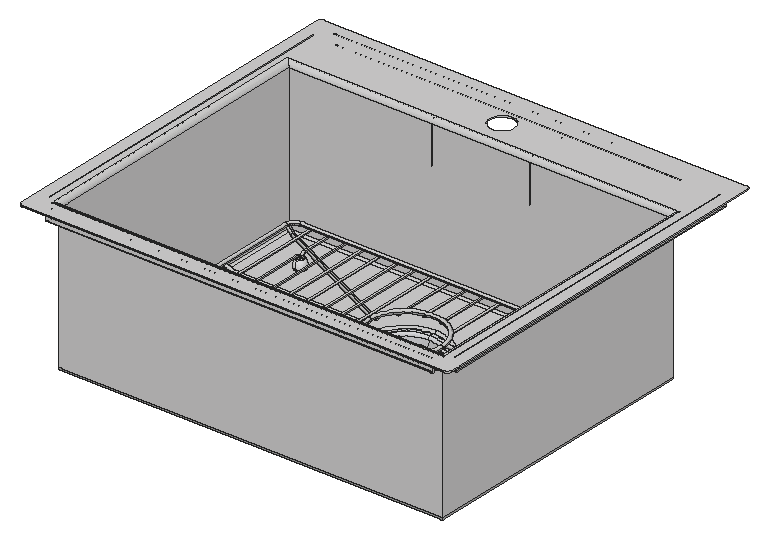
Revit family "Sink-Top_Under_Mount-Kitchen-KOHLER-Vault-K-3822", category Plumbing Fixtures, host Face, Revit 2015 (continued)
Definition of nested family "K-3822"
  Automatic sketch dimensions
    Masking region 1 sketch curve to plane 14 = 0.20175"
    Masking region 1 sketch curve to plane 1 "Center (Front/Back)" = 1.1746"
    Masking region 1 sketch curve to Masking region 1 sketch curve = 0.85327"
    Masking region 1 sketch curve to Masking region 1 sketch curve = 0.27784"
    Masking region 1 sketch curve to plane 8 = 0.12233"
    Masking region 1 sketch curve to plane 8 = 0.10686"
    plane 8 to Masking region 1 sketch curve = 0.048"
    plane 9 to Masking region 1 sketch curve = 0.27358"
    Masking region 1 sketch curve to Masking region 1 sketch curve = 0.89392"
    plane 15 to Masking region 1 sketch curve = 0.21427"
    Masking region 1 sketch curve to Masking region 1 sketch curve = 3/8"
    Masking region 1 sketch curve to Masking region 1 sketch curve = 0.00834"
    Masking region 1 sketch curve to Masking region 1 sketch curve = 0.06139"
    Masking region 1 sketch curve to Masking region 1 sketch curve = 0.04331"
    plane 15 to Masking region 1 sketch curve = 0.06531"
    Masking region 1 sketch curve to Masking region 1 sketch curve = 0.02223"
    Masking region 1 sketch curve to Masking region 1 sketch curve = 0.03082"
    Masking region 1 sketch curve to Masking region 1 sketch curve = 0.02584"
    Masking region 1 sketch curve to Masking region 1 sketch curve = 0.00815"
    Masking region 1 sketch curve to Masking region 1 sketch curve = 0.93489"  (x2)
    level to Masking region 1 sketch curve = 0.52119"
    plane 15 to Masking region 1 sketch curve = 2.453"
    Masking region 1 sketch curve to Masking region 1 sketch curve = 0.38815"  (x2)
    Masking region 1 sketch curve to Masking region 1 sketch curve = 0.32224"  (x2)
    Masking region 1 sketch curve to Masking region 1 sketch curve = 0.00009"  (x2)
    Masking region 1 sketch curve to Masking region 1 sketch curve = 0.00095"  (x2)
    Masking region 1 sketch curve to Masking region 1 sketch curve = 0.00007"  (x2)
    Masking region 1 sketch curve to Masking region 1 sketch curve = 0.15916"
    Masking region 1 sketch curve to Masking region 1 sketch curve = 0.15815"
    Masking region 1 sketch curve to Masking region 1 sketch curve = 0.15821"
    Masking region 1 sketch curve to Masking region 1 sketch curve = 0.15907"
    Masking region 1 sketch curve to Masking region 1 sketch curve = 0.01358"
    Masking region 1 sketch curve to Masking region 1 sketch curve = 0.01518"
    Masking region 1 sketch curve to plane 15 = 0"
    Masking region 1 sketch curve to Masking region 1 sketch curve = 0"  (x2)
    plane 15 to curve 3 = 0"
    plane 15 to curve 2 = 0"
    curve 10 to level = 0"
    plane 15 to curve 1 = 0"
    plane 6 to curve 3 = 0.57369"
    curve 3 to curve 3 = 0.13864"
    curve 3 to curve 2 = 0.51727"
    curve 2 to curve 6 = 0.0004"
    curve 2 to curve 5 = 0.0004"
    curve 4 to curve 5 = 0"
    curve 6 to curve 7 = 0.077"
    level to curve 13 = 0.52095"
    plane 6 to curve 13 = 1.44677"
    level to curve 9 = 0.27784"
    curve 9 to plane 13 = 1.1622"
    curve 9 to curve 10 = 0.27784"
    plane 13 to curve 11 = 0.04794"
    plane 13 to curve 12 = 11/64"
    curve 12 to plane 14 = 0.20175"
    curve 12 to plane 1 "Center (Front/Back)" = 1 21/64"
    curve 12 to curve 11 = 0.12395"
    curve 11 to curve 10 = 0.9323"
    curve 10 to curve 9 = 0.27784"
    curve 13 to plane 8 = 0.11702"
    plane 8 to curve 8 = 0.048"
    plane 9 to curve 7 = 0.27358"
    plane 15 to curve 4 = 0.16858"
    curve 7 to curve 4 = 0.89392"
    curve 2 to curve 4 = 0"
    curve 5 to curve 4 = 0"
    curve 6 to curve 5 = 0"
    curve 2 to curve 1 = 0.51768"
    curve 1 to curve 1 = 0.13864"
    curve 12 to curve 11 = 1.05885"
    plane 15 to curve 8 = 2.453"
    plane 15 to curve 8 = 0.60242"
    curve 7 to curve 6 = 0.07377"
    curve 5 to curve 4 = 0.03119"
    Sweep 1 sketch curve to profile plane = 0"
    profile plane to Sweep 1 sketch curve = 0.11702"
    Sweep 1 sketch curve to Sweep 1 sketch curve = 0.0046"
    Sweep 1 sketch curve to Sweep 1 sketch curve = 0.33792"
    Sweep 1 sketch curve to profile plane = 0.048"
    Sweep 1 sketch curve to profile plane = 0.2848"
    Sweep 1 sketch curve to Sweep 1 sketch curve = 0.00619"
    Sweep 1 sketch curve to Sweep 1 sketch curve = 0.1592"
    level to Sweep 1 sketch curve = 0.52095"
    Sweep 1 sketch curve to Sweep 1 sketch curve = 0.04796"
    Sweep 1 sketch curve to Sweep 1 sketch curve = 8.32267"
    Sweep 1 sketch curve to Sweep 1 sketch curve = 0.00831"
    plane 7 to Extrusion 2 sketch curve = 0.92481"
    plane 4 to Extrusion 2 sketch curve = 0.92481"
    plane 6 to Extrusion 2 sketch curve = 0.90481"
    plane 8 to Extrusion 2 sketch curve = 0.45019"
    plane 15 to Extrusion 29 sketch curve = 0"
    plane 8 to Extrusion 29 sketch curve = 0.048"
    plane 9 to Extrusion 29 sketch curve = 0.876"
    plane 15 to Extrusion 29 sketch curve = 2.453"
    plane 8 to Extrusion 29 sketch curve = 0.18708"
    plane 15 to Extrusion 29 sketch curve = 0.13908"
    plane 8 to Extrusion 28 sketch curve = 0.048"
    plane 9 to Extrusion 28 sketch curve = 0.876"
    plane 15 to Extrusion 28 sketch curve = 2.453"
    Extrusion 28 sketch curve to Extrusion 28 sketch curve = 0.13908"
    plane 15 to Extrusion 28 sketch curve = 0.13908"
    plane 15 to Extrusion 28 sketch curve = 0"
    Extrusion 25 sketch curve to plane 3 "Center (Left/Right)" = 4"
    plane 3 "Center (Left/Right)" to Extrusion 25 sketch curve = 4"
    plane 4 to Extrusion 25 sketch curve = 3"
    radius of Sweep 6 sketch curve = 3/32"
    radius of Sweep 7 sketch curve = 0.0972"
    radius of Sweep 8 sketch curve = 0.0972"
    radius of Sweep 9 sketch curve = 0.0972"
    radius of Sweep 10 sketch curve = 2"
    radius of Sweep 10 sketch curve = 0.09339"
    radius of Sweep 11 sketch curve = 0.0972"
    radius of Sweep 12 sketch curve = 0.0972"
    radius of Extrusion 13 sketch curve = 0.05267"  (x18)
    radius of Sweep 14 sketch curve = 0.05267"
    radius of Sweep 15 sketch curve = 0.05267"
    radius of Extrusion 16 sketch curve = 2.05918"
    radius of Extrusion 23 sketch curve = 0.09491"  (x48)
    radius of Extrusion 24 sketch curve = 23/32"
    radius of Sweep 30 sketch curve = 0.0972"
    radius of curve 30 = 23/32"
    radius of curve 31 = 23/32"
    radius of curve 32 = 23/32"
    radius of curve 33 = 23/32"
    radius of curve 34 = 23/32"
    radius of curve 35 = 23/32"
    radius of curve 36 = 1.9997"
    radius of curve 38 = 0.31615"
    radius of curve 39 = 1.62677"
    radius of curve 236 = 0.09491"
    radius of curve 237 = 0.09491"
    radius of curve 238 = 0.09491"
    radius of curve 239 = 0.09491"
    radius of curve 240 = 0.09491"
    radius of curve 241 = 0.09491"
    radius of curve 242 = 0.09491"
    radius of curve 243 = 0.09491"
    radius of curve 244 = 0.09491"
    radius of curve 245 = 0.09491"
    radius of curve 246 = 0.09491"
    radius of curve 247 = 0.09491"
    radius of curve 248 = 0.09491"
    radius of curve 249 = 0.09491"
    radius of curve 250 = 0.09491"
    radius of curve 251 = 0.09491"
    radius of curve 252 = 0.09491"
    radius of curve 253 = 0.09491"
    radius of curve 254 = 0.09491"
    radius of curve 255 = 0.09491"
    radius of curve 256 = 0.09491"
    radius of curve 257 = 0.09491"
    radius of curve 258 = 0.09491"
    radius of curve 259 = 0.09491"
    radius of curve 260 = 0.09491"
    radius of curve 261 = 0.09491"
    radius of curve 262 = 0.09491"
    radius of curve 263 = 0.09491"
    radius of curve 264 = 0.09491"
    radius of curve 265 = 0.09491"
    radius of curve 266 = 0.09491"
    radius of curve 267 = 0.09491"
    radius of curve 268 = 0.09491"
    radius of curve 269 = 0.09491"
    radius of curve 270 = 0.09491"
    radius of curve 271 = 0.09491"
    radius of curve 272 = 0.09491"
    radius of curve 273 = 0.09491"
    radius of curve 274 = 0.09491"
    radius of curve 275 = 0.09491"
    radius of curve 276 = 0.09491"
    radius of curve 277 = 0.09491"
    radius of curve 278 = 0.09491"
    radius of curve 279 = 0.09491"
    radius of curve 280 = 0.09491"
    radius of curve 281 = 0.09491"
    radius of curve 282 = 0.09491"
    radius of curve 283 = 0.09491"
    radius of Extrusion 32 sketch curve = 2.18788"
    radius of Extrusion 25 sketch curve = 23/32"  (x3)
Types (4): name | Under_Mount | Type | Three Faucet Hole | Single Faucet Hole | Rim Distance | Product Page URL | Product Documentation Link | Model | Fourth Hole Spacing | Four Faucet Hole | Faucet Hole Spacing | Drop_In | Description
  (no name) | yes | 1 | no | yes | 1 1/16" | "http://www.us.kohler.com/us/catalog/productDetails.jsp?productNumber=3822-1" | "https://www.us.kohler.com/webassets/kpna/catalog/pdf/en/K-3822-1_spec.pdf" | "K-3822-1-NA" | 0" | no | 0" | no | "25 inch x 22 inch x 9-5/16 inch top-/under-mount medium single-bowl kitchen sink with single faucet hole"
  Single Faucet Hole,NA-Stainless Steel | yes | 1 | no | yes | 1 1/16" | "http://www.us.kohler.com/us/catalog/productDetails.jsp?productNumber=3822-1" | "https://www.us.kohler.com/webassets/kpna/catalog/pdf/en/K-3822-1_spec.pdf" | "K-3822-1-NA" | 0" | no | 0" | no | "25 inch x 22 inch x 9-5/16 inch top-/under-mount medium single-bowl kitchen sink with single faucet hole"
  Three Faucet Hole,NA-Stainless Steel | yes | 2 | yes | no | 1 1/16" | "http://www.us.kohler.com/us/catalog/productDetails.jsp?productNumber=3822-3" | "https://www.us.kohler.com/webassets/kpna/catalog/pdf/en/K-3822-3_spec.pdf" | "K-3822-3-NA" | 0" | no | 8" | no | "25 inch x 22 inch x 9-5/16 inch top-/under-mount medium single-bowl kitchen sink with 3 faucet holes"
  Four Faucet Hole,NA-Stainless Steel | no | 3 | no | no | 0" | "http://www.us.kohler.com/us/catalog/productDetails.jsp?productNumber=3822-4" | "https://www.us.kohler.com/webassets/kpna/catalog/pdf/en/K-3822-4_spec.pdf" | "K-3822-4-NA" | 9 1/2" | yes | 8" | yes | "25 inch x 22 inch x 9-5/16 inch top-/under-mount medium single-bowl kitchen sink with 4 faucet holes"
